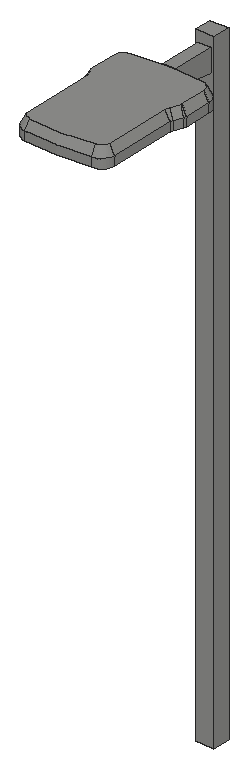
Revit family "VP-4-A", category Lighting Fixtures, host Face, Revit 2019
Family settings
  Host = Face
  Round Connector Dimension = Use Diameter
  Part Type = Normal
  OmniClass Number = 23.80.70.11.14.17
  OmniClass Title = Direct/Indirect
  Cut with Voids When Loaded = No
  Light Source = No
  Shared = Yes
  Room Calculation Point = No
Parameters (values of type "VP-4-A")
  Wattage Comments = "600W"
  Warranty = "Five year warranty"  # constant formula
  Voltage = 120 V
  URL = "https://www.currentlighting.com/beacon"
  Type Comments = "Lighting Fixture"  # constant formula
  Product Page URL = "https://www.currentlighting.com/outdoor-lighting/viper-area-size-4/9606406"
  Product Documentation Link = "https://cdn.currentlighting.com/site/specsheet/BEA_VIPERSPEC.pdf"
  Power Factor = 0.9
  Pole Height [instance] = 120.00"
  Name = "Viper Area Size 4"  # constant formula
  Model = "VP-4-A"
  Matt Grey = MATT GREY
  Matt Black = Matt Black
  Manufacturer = "Current Lighting"  # constant formula
  Load Classification = Lighting
  Light Output = 87468.00 cd/m²
  Lamp = "LED"  # constant formula
  Grey = Grey
  Glass = Glass
  Pole Size [instance] = 3.50"
  Features = "Featuring two different optical technologies, Micro Strike and Strike Optics, which provide the best distribution patterns for retrofit or new construction\r\nVibration rated for high vibration applications including bridges and overpasses\r\nControl options including photo control, occupancy sensing, NX Lighting Controls, wiSCAPE and 7-Pin with networked controls\r\nMounting options include: Arm, Universal Arm, Adjustable Arm, Mast Arm, Decorative Arm, Knuckle, Trunnion, Wall\r\nDistribution options include: Auto Front Row, Type 2, Type 3, Type 4 Forward, Type 4 Wide, Type 5 Narrow, Type 5 Medium, Type 5 Wide, Type 5 Rectangular, Corner Optic, and Tennis Court\r\n\r\n"  # constant formula
  Copyright = "© 2022 Current Lighting"  # constant formula
  Cool Grey = Cool Grey
  Contact Us = "https://www.currentlighting.com/contact-us"
  Certification = "UL"  # constant formula
  Description = "The Viper is an extremely versatile area/site luminaire which blends design, performance, and technology for a variety of applications."  # constant formula
  Default Elevation = 48.00"
  Finish = Arctic White
  Matt White = Matt White
  CRI = "70"  # constant formula
  Brand = "Beacon"  # constant formula
  Assembly Code = "D5020200"
  Apparent Load = 600 VA
Reference planes (in)
  plane 1 "Center (Front/Back)": y = 6.16697
  plane 2: z = 0
  plane 3 "Center (Left/Right)": x = 0
  plane 4: z = 3.75
  plane 5: z = -4.44
  plane 6: x = -1.75
  plane 7: x = 1.75
  plane 8: y = 4.41697
  plane 9: y = 7.91697
  plane 10: z = 120
  plane 11: z = 122
Forms (in)
  Extrusion 1, solid, material "Cool Grey" <- "Cool Grey"
    sketch origin (0, 0, 0) x (1, 0, 0) y (0, 1, 0)
      loop
        line (-1.75, 7.91697) -> (-1.75, 4.41697) -> (1.75, 4.41697) -> (1.75, 7.91697) -> (-1.75, 7.91697)
    from 0 to 120
  Extrusion 2, solid, material "Cool Grey" <- "Cool Grey"
    sketch origin (0, 0, 0) x (1, 0, 0) y (0, 1, 0)
      loop
        line (-1.75, 7.91697) -> (-1.75, 4.41697) -> (1.75, 4.41697) -> (1.75, 7.91697) -> (-1.75, 7.91697)
    from 120 to 122
Cuts and joins
  joined: Extrusion 1, Extrusion 2
Lines and regions (in)
  reference lines
    curve 1: line (0, 14.42606, -3.25) -> (0, 17.42606, -0.25)
    curve 2: line (0, -2.09213, -3.25) -> (0, 14.42606, -3.25)
    curve 3: line (0, -5.09213, -0.25) -> (0, -2.09213, -3.25)
    curve 4: line (0, 14.42606, -3.25) -> (0, 17.42606, -0.25)
    curve 5: line (0, -5.09213, -0.25) -> (0, 17.42606, -0.25)
    curve 6: line (0, 17.17606, -0.77432) -> (0, 17.92606, -0.77432)
    curve 7: line (0, 17.17606, -1.52432) -> (0, 17.17606, -0.77432)
    curve 8: line (0, 16.69614, -1.52432) -> (0, 17.17606, -1.52432)
    curve 9: line (0, 14.92606, -4.25) -> (0, 16.69614, -1.52432)
    curve 10: line (0, -4.3622, -1.52432) -> (0, -2.59213, -4.25)
    curve 11: line (0, -4.84213, -1.52432) -> (0, -4.3622, -1.52432)
    curve 12: line (0, -4.84213, -0.77432) -> (0, -4.84213, -1.52432)
    curve 13: line (0, -5.59213, -0.77432) -> (0, -4.84213, -0.77432)
Dimensions and locks (in)
  plane 4 to plane 2 = 3.75"
  "Pole Size": plane 8 to plane 9
  equal spacing: plane 8, plane 1 "Center (Front/Back)", plane 9
  equal spacing: plane 6, plane 3 "Center (Left/Right)", plane 7
  "Pole Size": plane 6 to plane 7
  "Pole Height": plane 10 to plane 2
  locked: plane 11 to plane 10 at 2
  aligned and locked: plane 2 to host face
  aligned and locked: level to host face
  aligned and locked: plane 10 to Extrusion 1
  aligned and locked: plane 3 "Center (Left/Right)" to nested 1
  aligned and locked: plane 9 to Extrusion 1 sketch curve
  aligned and locked: plane 6 to Extrusion 1 sketch curve
  aligned and locked: Extrusion 1 sketch curve to plane 8
  aligned and locked: Extrusion 1 sketch curve to plane 7
  aligned and locked: nested 1 to plane 10
  aligned and locked: Extrusion 2 sketch curve to Extrusion 1  (x4)
  aligned and locked: Extrusion 2 to plane 10
  aligned and locked: plane 11 to Extrusion 2
Automatic sketch dimensions
  host sketch curve to host sketch curve = 96.00"
  host sketch curve to host sketch curve = 85.00"
  curve 3 to level = 0.25"
  plane 8 to curve 3 = 9.50909"
  curve 3 to curve 12 = 0.25"
  curve 11 to curve 11 = 0.47992"
  curve 2 to plane 5 = 1.19"
  curve 10 to curve 2 = 2.27008"
  curve 1 to plane 9 = 6.50909"
  curve 9 to level = 1.52432"
  curve 1 to curve 9 = 2.27008"
  curve 8 to curve 8 = 0.47992"
  curve 6 to curve 4 = 0.25"
  curve 10 to curve 3 = 1.27432"
  curve 7 to curve 1 = 0.52432"
  curve 12 to curve 3 = 0.52432"
  curve 13 to curve 3 = 0.50"
  curve 10 to plane 5 = 0.19"
  curve 10 to curve 2 = 0.50"
  curve 9 to plane 5 = 0.19"
  curve 1 to curve 9 = 0.50"
  curve 1 to curve 6 = 0.50"
Nested families (in)
  nested 1: "SIZE4" at (0, 4.41697, 118.26) x (1, 0, 0) z (0, -1, 0), type "SIZE4"
Connectors (in)
  electrical at (0, 6.16697, 0), driven by "Power Factor", driven by "Apparent Load", driven by "Voltage"
    settings: on Extrusion 1, index 1, voltage 120 V, apparent load 600 VA, apparent load phase1 0 VA, apparent load phase2 0 VA, apparent load phase3 0 VA, power factor 0.9, load classification "Other", number of poles 1, system type 30, power factor state 1, is connector primary yes, connector utility no, sub classification motor no, connector description "Light Fixture"
Definition of nested family "SIZE4"
  Parameters (values of type "SIZE4")
    Width = 19.62"
    Wattage = 519.1 W
    built-in parameter 1150110 = 1 (stored number, unit not read)
    built-in parameter 1114217 = 1 (stored number, unit not read)
    Tilt Angle = 160.00°
    built-in parameter 1150109 = 1 (stored number, unit not read)
    built-in parameter 1150134 = 3
    built-in parameter 1150113 = 1 (stored number, unit not read)
    Photometric Web File = "VP-4-720L-515-5K7-4W-BC.ies"
    Mount Length = 7.50"
    built-in parameter 1150105 = 3180.8 (stored number, unit not read)
    Lumens = 39970.7 lm
    built-in parameter 1150115 = 1 (stored number, unit not read)
    built-in parameter 1150137 = (empty or 0)
    built-in parameter 1150139 = (empty or 0)
    Length = 27.98"
    built-in parameter 1150112 = 1 (stored number, unit not read)
    built-in parameter 1150114 = 1 (stored number, unit not read)
    built-in parameter 1150132 = (empty or 0)
    built-in parameter 1150102 = (empty or 0)
    built-in parameter 1150107 = 3200 (stored number, unit not read)
    built-in parameter 1150138 = (empty or 0)
    built-in parameter 1150106 = 31.808 (stored number, unit not read)
    Glass = none
    Fixture = none
    built-in parameter 1150104 = 7.1535 (stored number, unit not read)
    Dimming Lamp Color Temperature Shift = (empty or 0)
    Default Elevation = 48.00"
    Color Filter = 16777215
    built-in parameter 1114218 = 1 (stored number, unit not read)
    built-in parameter 1150133 = 10 (stored number, unit not read)
  Reference planes (in)
    plane 1 "Center (Front/Back)": y = 0
    plane 2: z = 0
    plane 3 "Center (Left/Right)": x = 0
    plane 4: x = 9.81
    plane 5: x = -9.81
    plane 6: z = 7.5
    plane 7: z = 35.48
    plane 8: y = -1.74
    plane 9: y = 1.74
  Forms (in)
    Extrusion 1, solid
      sketch origin (0, 0, 0) x (1, 0, 0) y (0, 1, 0)
        loop
          line (-48, 48) -> (-48, -48) -> (48, -48) -> (48, 48) -> (-48, 48)
      from 0 to -12
    Extrusion 2, solid, material <- "Fixture"
      sketch origin (0, 0, 0) x (0, 1, 0) y (0, 0, 1)
        loop
          line (1.74, 8.51105) -> (-1.5789, 8.51105) -> (-2.86955, -1.406) -> (1.74, -1.406) -> (1.74, 8.51105)
      from -1.24 to 1.24
    Extrusion 3, void
      sketch origin (0, 0, 0) x (1, 0, 0) y (0, 0, 1)
        loop
          arc (-8.40608, 15.16005) -> (0.0771, 15.81374) -> (8.56, 15.15635) r 55.21553
          line (8.56, 15.15635) -> (8.56, 33.16182) -> (-8.40608, 33.16182) -> (-8.40608, 15.16005)
      from 1 to 1.75
    Extrusion 4, solid, material <- "Glass"
      sketch origin (0, 0, -0.5) x (1, 0, 0) y (0, 0, 1)
        loop
          arc (-7.30987, 33.16182) -> (-7.55736, 33.05931) -> (-7.65987, 32.81182) r 0.35
          line (-7.65987, 32.81182) -> (-7.65987, 28.01182)
          arc (-7.65987, 28.01182) -> (-7.55736, 27.76434) -> (-7.30987, 27.66182) r 0.35
          line (-7.30987, 27.66182) -> (7.30987, 27.66182)
          arc (7.30987, 27.66182) -> (7.55736, 27.76434) -> (7.65987, 28.01182) r 0.35
          line (7.65987, 28.01182) -> (7.65987, 32.81182)
          arc (7.65987, 32.81182) -> (7.55736, 33.05931) -> (7.30987, 33.16182) r 0.35
          line (7.30987, 33.16182) -> (-7.30987, 33.16182)
      from 1 to 1.35
    Extrusion 5, solid, material <- "Glass"
      sketch origin (0.375, 0, -0.375) x (1, 0, 0) y (0, 0, 1)
        loop
          circle (-7.47829, 32.33694) r 0.15
        loop
          circle (-6.95955, 32.33694) r 0.15
        loop
          circle (-6.4408, 32.33694) r 0.15
        loop
          circle (-5.92205, 32.33694) r 0.15
        loop
          circle (-5.4033, 32.33694) r 0.15
        loop
          circle (-4.88455, 32.33694) r 0.15
        loop
          circle (-4.3658, 32.33694) r 0.15
        loop
          circle (-3.84705, 32.33694) r 0.15
        loop
          circle (-3.32831, 32.33694) r 0.15
        loop
          circle (-7.47829, 31.83694) r 0.15
        loop
          circle (-6.95955, 31.83694) r 0.15
        loop
          circle (-6.4408, 31.83694) r 0.15
        loop
          circle (-5.92205, 31.83694) r 0.15
        loop
          circle (-5.4033, 31.83694) r 0.15
        loop
          circle (-4.88455, 31.83694) r 0.15
        loop
          circle (-4.3658, 31.83694) r 0.15
        loop
          circle (-3.84705, 31.83694) r 0.15
        loop
          circle (-3.32831, 31.83694) r 0.15
        loop
          circle (-7.47829, 31.33694) r 0.15
        loop
          circle (-6.95955, 31.33694) r 0.15
        loop
          circle (-6.4408, 31.33694) r 0.15
        loop
          circle (-5.92205, 31.33694) r 0.15
        loop
          circle (-5.4033, 31.33694) r 0.15
        loop
          circle (-4.88455, 31.33694) r 0.15
        loop
          circle (-4.3658, 31.33694) r 0.15
        loop
          circle (-3.84705, 31.33694) r 0.15
        loop
          circle (-3.32831, 31.33694) r 0.15
        loop
          circle (-7.47829, 30.83694) r 0.15
        loop
          circle (-6.95955, 30.83694) r 0.15
        loop
          circle (-6.4408, 30.83694) r 0.15
        loop
          circle (-5.92205, 30.83694) r 0.15
        loop
          circle (-5.4033, 30.83694) r 0.15
        loop
          circle (-4.88455, 30.83694) r 0.15
        loop
          circle (-4.3658, 30.83694) r 0.15
        loop
          circle (-3.84705, 30.83694) r 0.15
        loop
          circle (-3.32831, 30.83694) r 0.15
        loop
          circle (-7.47829, 30.33694) r 0.15
        loop
          circle (-6.95955, 30.33694) r 0.15
        loop
          circle (-6.4408, 30.33694) r 0.15
        loop
          circle (-5.92205, 30.33694) r 0.15
        loop
          circle (-5.4033, 30.33694) r 0.15
        loop
          circle (-4.88455, 30.33694) r 0.15
        loop
          circle (-4.3658, 30.33694) r 0.15
        loop
          circle (-3.84705, 30.33694) r 0.15
        loop
          circle (-3.32831, 30.33694) r 0.15
        loop
          circle (-7.47829, 29.83694) r 0.15
        loop
          circle (-6.95955, 29.83694) r 0.15
        loop
          circle (-6.4408, 29.83694) r 0.15
        loop
          circle (-5.92205, 29.83694) r 0.15
        loop
          circle (-5.4033, 29.83694) r 0.15
        loop
          circle (-4.88455, 29.83694) r 0.15
        loop
          circle (-4.3658, 29.83694) r 0.15
        loop
          circle (-3.84705, 29.83694) r 0.15
        loop
          circle (-3.32831, 29.83694) r 0.15
        loop
          circle (-7.47829, 29.33694) r 0.15
        loop
          circle (-6.95955, 29.33694) r 0.15
        loop
          circle (-6.4408, 29.33694) r 0.15
        loop
          circle (-5.92205, 29.33694) r 0.15
        loop
          circle (-5.4033, 29.33694) r 0.15
        loop
          circle (-4.88455, 29.33694) r 0.15
        loop
          circle (-4.3658, 29.33694) r 0.15
        loop
          circle (-3.84705, 29.33694) r 0.15
        loop
          circle (-3.32831, 29.33694) r 0.15
        loop
          circle (-7.47829, 28.83694) r 0.15
        loop
          circle (-6.95955, 28.83694) r 0.15
        loop
          circle (-6.4408, 28.83694) r 0.15
        loop
          circle (-5.92205, 28.83694) r 0.15
        loop
          circle (-5.4033, 28.83694) r 0.15
        loop
          circle (-4.88455, 28.83694) r 0.15
        loop
          circle (-4.3658, 28.83694) r 0.15
        loop
          circle (-3.84705, 28.83694) r 0.15
        loop
          circle (-3.32831, 28.83694) r 0.15
        loop
          circle (-7.47829, 28.33694) r 0.15
        loop
          circle (-6.95955, 28.33694) r 0.15
        loop
          circle (-6.4408, 28.33694) r 0.15
        loop
          circle (-5.92205, 28.33694) r 0.15
        loop
          circle (-5.4033, 28.33694) r 0.15
        loop
          circle (-4.88455, 28.33694) r 0.15
        loop
          circle (-4.3658, 28.33694) r 0.15
        loop
          circle (-3.84705, 28.33694) r 0.15
        loop
          circle (-3.32831, 28.33694) r 0.15
      from 1.35 to 1.4
    Extrusion 6, solid, material <- "Glass"
      sketch origin (0, 0, -0.375) x (1, 0, 0) y (0, 0, 1)
        loop
          arc (-7.16655, 32.8409) -> (-7.34333, 32.76768) -> (-7.41655, 32.5909) r 0.25
          line (-7.41655, 32.5909) -> (-7.41655, 28.0909)
          arc (-7.41655, 28.0909) -> (-7.34333, 27.91412) -> (-7.16655, 27.8409) r 0.25
          line (-7.16655, 27.8409) -> (-2.81123, 27.8409)
          arc (-2.81123, 27.8409) -> (-2.63446, 27.91412) -> (-2.56123, 28.0909) r 0.25
          line (-2.56123, 28.0909) -> (-2.56123, 32.5909)
          arc (-2.56123, 32.5909) -> (-2.63446, 32.76768) -> (-2.81123, 32.8409) r 0.25
          line (-2.81123, 32.8409) -> (-7.16655, 32.8409)
      from 1.35 to 1.37213
    Extrusion 7, solid, material <- "Fixture"
      sketch origin (0, 0, 12.875) x (1, 0, 0) y (0, 1, 0)
        loop
          line (7.68693, -1) -> (7.68693, -1.20146)
          arc (7.68693, -1.20146) -> (7.69367, -1.23973) -> (7.71311, -1.27339) r 0.1119
          line (7.71311, -1.27339) -> (8.07367, -1.70309)
          arc (8.07367, -1.70309) -> (8.10164, -1.72455) -> (8.13607, -1.73219) r 0.08147
          line (8.13607, -1.73219) -> (8.56, -1.73219) -> (8.56, -1) -> (7.68693, -1)
      from 18.55 to 18.65
    Extrusion 8, solid, material <- "Glass"
      sketch origin (-0.375, 0, -0.375) x (-1, 0, 0) y (0, 0, -1)
        loop
          circle (-7.47829, -32.33694) r 0.15
        loop
          circle (-6.95955, -32.33694) r 0.15
        loop
          circle (-6.4408, -32.33694) r 0.15
        loop
          circle (-5.92205, -32.33694) r 0.15
        loop
          circle (-5.4033, -32.33694) r 0.15
        loop
          circle (-4.88455, -32.33694) r 0.15
        loop
          circle (-4.3658, -32.33694) r 0.15
        loop
          circle (-3.84705, -32.33694) r 0.15
        loop
          circle (-3.32831, -32.33694) r 0.15
        loop
          circle (-7.47829, -31.83694) r 0.15
        loop
          circle (-6.95955, -31.83694) r 0.15
        loop
          circle (-6.4408, -31.83694) r 0.15
        loop
          circle (-5.92205, -31.83694) r 0.15
        loop
          circle (-5.4033, -31.83694) r 0.15
        loop
          circle (-4.88455, -31.83694) r 0.15
        loop
          circle (-4.3658, -31.83694) r 0.15
        loop
          circle (-3.84705, -31.83694) r 0.15
        loop
          circle (-3.32831, -31.83694) r 0.15
        loop
          circle (-7.47829, -31.33694) r 0.15
        loop
          circle (-6.95955, -31.33694) r 0.15
        loop
          circle (-6.4408, -31.33694) r 0.15
        loop
          circle (-5.92205, -31.33694) r 0.15
        loop
          circle (-5.4033, -31.33694) r 0.15
        loop
          circle (-4.88455, -31.33694) r 0.15
        loop
          circle (-4.3658, -31.33694) r 0.15
        loop
          circle (-3.84705, -31.33694) r 0.15
        loop
          circle (-3.32831, -31.33694) r 0.15
        loop
          circle (-7.47829, -30.83694) r 0.15
        loop
          circle (-6.95955, -30.83694) r 0.15
        loop
          circle (-6.4408, -30.83694) r 0.15
        loop
          circle (-5.92205, -30.83694) r 0.15
        loop
          circle (-5.4033, -30.83694) r 0.15
        loop
          circle (-4.88455, -30.83694) r 0.15
        loop
          circle (-4.3658, -30.83694) r 0.15
        loop
          circle (-3.84705, -30.83694) r 0.15
        loop
          circle (-3.32831, -30.83694) r 0.15
        loop
          circle (-7.47829, -30.33694) r 0.15
        loop
          circle (-6.95955, -30.33694) r 0.15
        loop
          circle (-6.4408, -30.33694) r 0.15
        loop
          circle (-5.92205, -30.33694) r 0.15
        loop
          circle (-5.4033, -30.33694) r 0.15
        loop
          circle (-4.88455, -30.33694) r 0.15
        loop
          circle (-4.3658, -30.33694) r 0.15
        loop
          circle (-3.84705, -30.33694) r 0.15
        loop
          circle (-3.32831, -30.33694) r 0.15
        loop
          circle (-7.47829, -29.83694) r 0.15
        loop
          circle (-6.95955, -29.83694) r 0.15
        loop
          circle (-6.4408, -29.83694) r 0.15
        loop
          circle (-5.92205, -29.83694) r 0.15
        loop
          circle (-5.4033, -29.83694) r 0.15
        loop
          circle (-4.88455, -29.83694) r 0.15
        loop
          circle (-4.3658, -29.83694) r 0.15
        loop
          circle (-3.84705, -29.83694) r 0.15
        loop
          circle (-3.32831, -29.83694) r 0.15
        loop
          circle (-7.47829, -29.33694) r 0.15
        loop
          circle (-6.95955, -29.33694) r 0.15
        loop
          circle (-6.4408, -29.33694) r 0.15
        loop
          circle (-5.92205, -29.33694) r 0.15
        loop
          circle (-5.4033, -29.33694) r 0.15
        loop
          circle (-4.88455, -29.33694) r 0.15
        loop
          circle (-4.3658, -29.33694) r 0.15
        loop
          circle (-3.84705, -29.33694) r 0.15
        loop
          circle (-3.32831, -29.33694) r 0.15
        loop
          circle (-7.47829, -28.83694) r 0.15
        loop
          circle (-6.95955, -28.83694) r 0.15
        loop
          circle (-6.4408, -28.83694) r 0.15
        loop
          circle (-5.92205, -28.83694) r 0.15
        loop
          circle (-5.4033, -28.83694) r 0.15
        loop
          circle (-4.88455, -28.83694) r 0.15
        loop
          circle (-4.3658, -28.83694) r 0.15
        loop
          circle (-3.84705, -28.83694) r 0.15
        loop
          circle (-3.32831, -28.83694) r 0.15
        loop
          circle (-7.47829, -28.33694) r 0.15
        loop
          circle (-6.95955, -28.33694) r 0.15
        loop
          circle (-6.4408, -28.33694) r 0.15
        loop
          circle (-5.92205, -28.33694) r 0.15
        loop
          circle (-5.4033, -28.33694) r 0.15
        loop
          circle (-4.88455, -28.33694) r 0.15
        loop
          circle (-4.3658, -28.33694) r 0.15
        loop
          circle (-3.84705, -28.33694) r 0.15
        loop
          circle (-3.32831, -28.33694) r 0.15
      from 1.35 to 1.4
    Extrusion 9, solid, material <- "Glass"
      sketch origin (0, 0, -0.375) x (-1, 0, 0) y (0, 0, -1)
        loop
          line (-7.16655, -32.8409) -> (-2.84181, -32.8409)
          arc (-2.84181, -32.8409) -> (-2.66504, -32.76768) -> (-2.59181, -32.5909) r 0.25
          line (-2.59181, -32.5909) -> (-2.59181, -28.0909)
          arc (-2.59181, -28.0909) -> (-2.66504, -27.91412) -> (-2.84181, -27.8409) r 0.25
          line (-2.84181, -27.8409) -> (-7.16655, -27.8409)
          arc (-7.16655, -27.8409) -> (-7.34333, -27.91412) -> (-7.41655, -28.0909) r 0.25
          line (-7.41655, -28.0909) -> (-7.41655, -32.5909)
          arc (-7.41655, -32.5909) -> (-7.34333, -32.76768) -> (-7.16655, -32.8409) r 0.25
      from 1.35 to 1.37213
    Extrusion 10, solid, material <- "Glass"
      sketch origin (0, 0, -5.75) x (1, 0, 0) y (0, 0, 1)
        loop
          arc (-7.30987, 32.91182) -> (-7.55736, 32.80931) -> (-7.65987, 32.56182) r 0.35
          line (-7.65987, 32.56182) -> (-7.65987, 27.76182)
          arc (-7.65987, 27.76182) -> (-7.55736, 27.51434) -> (-7.30987, 27.41182) r 0.35
          line (-7.30987, 27.41182) -> (7.30987, 27.41182)
          arc (7.30987, 27.41182) -> (7.55736, 27.51434) -> (7.65987, 27.76182) r 0.35
          line (7.65987, 27.76182) -> (7.65987, 32.56182)
          arc (7.65987, 32.56182) -> (7.55736, 32.80931) -> (7.30987, 32.91182) r 0.35
          line (7.30987, 32.91182) -> (-7.30987, 32.91182)
      from 1 to 1.35
    Extrusion 11, solid, material <- "Glass"
      sketch origin (0, 0, 47.30365) x (1, 0, 0) y (0, 0, 1)
        loop
          line (-7.30987, -31.14182) -> (7.30987, -31.14182)
          arc (7.30987, -31.14182) -> (7.55736, -31.03931) -> (7.65987, -30.79182) r 0.35
          line (7.65987, -30.79182) -> (7.65987, -25.99182)
          arc (7.65987, -25.99182) -> (7.55736, -25.74434) -> (7.30987, -25.64182) r 0.35
          line (7.30987, -25.64182) -> (-7.30987, -25.64182)
          arc (-7.30987, -25.64182) -> (-7.55736, -25.74434) -> (-7.65987, -25.99182) r 0.35
          line (-7.65987, -25.99182) -> (-7.65987, -30.79182)
          arc (-7.65987, -30.79182) -> (-7.55736, -31.03931) -> (-7.30987, -31.14182) r 0.35
      from 1 to 1.35
    Extrusion 12, solid, material <- "Fixture"
      sketch origin (0, 0, 11.87318) x (1, 0, 0) y (0, 1, 0)
        loop
          line (7.68693, -1) -> (7.68693, -1.20146)
          arc (7.68693, -1.20146) -> (7.69367, -1.23973) -> (7.71311, -1.27339) r 0.1119
          line (7.71311, -1.27339) -> (8.07367, -1.70309)
          arc (8.07367, -1.70309) -> (8.10164, -1.72455) -> (8.13607, -1.73219) r 0.08147
          line (8.13607, -1.73219) -> (8.56, -1.73219) -> (8.56, -1) -> (7.68693, -1)
      from 18.55 to 18.65
    Extrusion 13, solid, material <- "Fixture"
      sketch origin (0, 0, 10.87135) x (1, 0, 0) y (0, 1, 0)
        loop
          line (7.68693, -1) -> (7.68693, -1.20146)
          arc (7.68693, -1.20146) -> (7.69367, -1.23973) -> (7.71311, -1.27339) r 0.1119
          line (7.71311, -1.27339) -> (8.07367, -1.70309)
          arc (8.07367, -1.70309) -> (8.10164, -1.72455) -> (8.13607, -1.73219) r 0.08147
          line (8.13607, -1.73219) -> (8.56, -1.73219) -> (8.56, -1) -> (7.68693, -1)
      from 18.55 to 18.65
    Extrusion 14, solid, material <- "Fixture"
      sketch origin (0, 0, 9.86953) x (1, 0, 0) y (0, 1, 0)
        loop
          line (7.68693, -1) -> (7.68693, -1.20146)
          arc (7.68693, -1.20146) -> (7.69367, -1.23973) -> (7.71311, -1.27339) r 0.1119
          line (7.71311, -1.27339) -> (8.07367, -1.70309)
          arc (8.07367, -1.70309) -> (8.10164, -1.72455) -> (8.13607, -1.73219) r 0.08147
          line (8.13607, -1.73219) -> (8.56, -1.73219) -> (8.56, -1) -> (7.68693, -1)
      from 18.55 to 18.65
    Extrusion 15, solid, material <- "Fixture"
      sketch origin (0, 0, 8.86953) x (1, 0, 0) y (0, 1, 0)
        loop
          line (7.68693, -1) -> (7.68693, -1.20146)
          arc (7.68693, -1.20146) -> (7.69367, -1.23973) -> (7.71311, -1.27339) r 0.1119
          line (7.71311, -1.27339) -> (8.07367, -1.70309)
          arc (8.07367, -1.70309) -> (8.10164, -1.72455) -> (8.13607, -1.73219) r 0.08147
          line (8.13607, -1.73219) -> (8.56, -1.73219) -> (8.56, -1) -> (7.68693, -1)
      from 18.55 to 18.65
    Extrusion 16, solid, material <- "Fixture"
      sketch origin (0, 0, 7.8125) x (1, 0, 0) y (0, 1, 0)
        loop
          line (7.68693, -1) -> (7.68693, -1.20146)
          arc (7.68693, -1.20146) -> (7.69367, -1.23973) -> (7.71311, -1.27339) r 0.1119
          line (7.71311, -1.27339) -> (8.07367, -1.70309)
          arc (8.07367, -1.70309) -> (8.10164, -1.72455) -> (8.13607, -1.73219) r 0.08147
          line (8.13607, -1.73219) -> (8.56, -1.73219) -> (8.56, -1) -> (7.68693, -1)
      from 18.55 to 18.65
    Extrusion 17, solid, material <- "Fixture"
      sketch origin (0, 0, 6.81068) x (1, 0, 0) y (0, 1, 0)
        loop
          line (7.68693, -1) -> (7.68693, -1.20146)
          arc (7.68693, -1.20146) -> (7.69367, -1.23973) -> (7.71311, -1.27339) r 0.1119
          line (7.71311, -1.27339) -> (8.07367, -1.70309)
          arc (8.07367, -1.70309) -> (8.10164, -1.72455) -> (8.13607, -1.73219) r 0.08147
          line (8.13607, -1.73219) -> (8.56, -1.73219) -> (8.56, -1) -> (7.68693, -1)
      from 18.55 to 18.65
    Extrusion 18, solid, material <- "Fixture"
      sketch origin (0, 0, 5.80885) x (1, 0, 0) y (0, 1, 0)
        loop
          line (7.68693, -1) -> (7.68693, -1.20146)
          arc (7.68693, -1.20146) -> (7.69367, -1.23973) -> (7.71311, -1.27339) r 0.1119
          line (7.71311, -1.27339) -> (8.07367, -1.70309)
          arc (8.07367, -1.70309) -> (8.10164, -1.72455) -> (8.13607, -1.73219) r 0.08147
          line (8.13607, -1.73219) -> (8.56, -1.73219) -> (8.56, -1) -> (7.68693, -1)
      from 18.55 to 18.65
    Extrusion 19, solid, material <- "Fixture"
      sketch origin (0, 0, 4.80703) x (1, 0, 0) y (0, 1, 0)
        loop
          line (7.68693, -1) -> (7.68693, -1.20146)
          arc (7.68693, -1.20146) -> (7.69367, -1.23973) -> (7.71311, -1.27339) r 0.1119
          line (7.71311, -1.27339) -> (8.07367, -1.70309)
          arc (8.07367, -1.70309) -> (8.10164, -1.72455) -> (8.13607, -1.73219) r 0.08147
          line (8.13607, -1.73219) -> (8.56, -1.73219) -> (8.56, -1) -> (7.68693, -1)
      from 18.55 to 18.65
    Extrusion 20, solid, material <- "Fixture"
      sketch origin (0, 0, 3.80703) x (1, 0, 0) y (0, 1, 0)
        loop
          line (7.68693, -1) -> (7.68693, -1.20146)
          arc (7.68693, -1.20146) -> (7.69367, -1.23973) -> (7.71311, -1.27339) r 0.1119
          line (7.71311, -1.27339) -> (8.07367, -1.70309)
          arc (8.07367, -1.70309) -> (8.10164, -1.72455) -> (8.13607, -1.73219) r 0.08147
          line (8.13607, -1.73219) -> (8.56, -1.73219) -> (8.56, -1) -> (7.68693, -1)
      from 18.55 to 18.65
    Extrusion 21, solid, material <- "Fixture"
      sketch origin (0, 0, 2.125) x (1, 0, 0) y (0, 1, 0)
        loop
          line (7.68693, -1) -> (7.68693, -1.20146)
          arc (7.68693, -1.20146) -> (7.69367, -1.23973) -> (7.71311, -1.27339) r 0.1119
          line (7.71311, -1.27339) -> (8.07367, -1.70309)
          arc (8.07367, -1.70309) -> (8.10164, -1.72455) -> (8.13607, -1.73219) r 0.08147
          line (8.13607, -1.73219) -> (8.56, -1.73219) -> (8.56, -1) -> (7.68693, -1)
      from 18.55 to 18.65
    Extrusion 22, solid, material <- "Fixture"
      sketch origin (0, 0, 1.12318) x (1, 0, 0) y (0, 1, 0)
        loop
          line (7.68693, -1) -> (7.68693, -1.20146)
          arc (7.68693, -1.20146) -> (7.69367, -1.23973) -> (7.71311, -1.27339) r 0.1119
          line (7.71311, -1.27339) -> (8.07367, -1.70309)
          arc (8.07367, -1.70309) -> (8.10164, -1.72455) -> (8.13607, -1.73219) r 0.08147
          line (8.13607, -1.73219) -> (8.56, -1.73219) -> (8.56, -1) -> (7.68693, -1)
      from 18.55 to 18.65
    Extrusion 23, solid, material <- "Fixture"
      sketch origin (0, 0, 0.12135) x (1, 0, 0) y (0, 1, 0)
        loop
          line (7.68693, -1) -> (7.68693, -1.20146)
          arc (7.68693, -1.20146) -> (7.69367, -1.23973) -> (7.71311, -1.27339) r 0.1119
          line (7.71311, -1.27339) -> (8.07367, -1.70309)
          arc (8.07367, -1.70309) -> (8.10164, -1.72455) -> (8.13607, -1.73219) r 0.08147
          line (8.13607, -1.73219) -> (8.56, -1.73219) -> (8.56, -1) -> (7.68693, -1)
      from 18.55 to 18.65
    Extrusion 24, solid, material <- "Fixture"
      sketch origin (0, 0, -0.88047) x (1, 0, 0) y (0, 1, 0)
        loop
          line (7.68693, -1) -> (7.68693, -1.20146)
          arc (7.68693, -1.20146) -> (7.69367, -1.23973) -> (7.71311, -1.27339) r 0.1119
          line (7.71311, -1.27339) -> (8.07367, -1.70309)
          arc (8.07367, -1.70309) -> (8.10164, -1.72455) -> (8.13607, -1.73219) r 0.08147
          line (8.13607, -1.73219) -> (8.56, -1.73219) -> (8.56, -1) -> (7.68693, -1)
      from 18.55 to 18.65
    Extrusion 25, solid, material <- "Fixture"
      sketch origin (0, 0, -1.88047) x (1, 0, 0) y (0, 1, 0)
        loop
          line (7.68693, -1) -> (7.68693, -1.20146)
          arc (7.68693, -1.20146) -> (7.69367, -1.23973) -> (7.71311, -1.27339) r 0.1119
          line (7.71311, -1.27339) -> (8.07367, -1.70309)
          arc (8.07367, -1.70309) -> (8.10164, -1.72455) -> (8.13607, -1.73219) r 0.08147
          line (8.13607, -1.73219) -> (8.56, -1.73219) -> (8.56, -1) -> (7.68693, -1)
      from 18.55 to 18.65
    Extrusion 26, solid, material <- "Fixture"
      sketch origin (0.07812, 0, 13.125) x (-1, 0, 0) y (0, -1, 0)
        loop
          line (7.68693, 1) -> (8.56, 1) -> (8.56, 1.73219) -> (8.13607, 1.73219)
          arc (8.13607, 1.73219) -> (8.10164, 1.72455) -> (8.07367, 1.70309) r 0.08147
          line (8.07367, 1.70309) -> (7.71311, 1.27339)
          arc (7.71311, 1.27339) -> (7.69367, 1.23973) -> (7.68693, 1.20146) r 0.1119
          line (7.68693, 1.20146) -> (7.68693, 1)
      from 18.55 to 18.65
    Extrusion 27, solid, material <- "Fixture"
      sketch origin (0.07812, 0, 12.12318) x (-1, 0, 0) y (0, -1, 0)
        loop
          line (7.68693, 1) -> (8.56, 1) -> (8.56, 1.73219) -> (8.13607, 1.73219)
          arc (8.13607, 1.73219) -> (8.10164, 1.72455) -> (8.07367, 1.70309) r 0.08147
          line (8.07367, 1.70309) -> (7.71311, 1.27339)
          arc (7.71311, 1.27339) -> (7.69367, 1.23973) -> (7.68693, 1.20146) r 0.1119
          line (7.68693, 1.20146) -> (7.68693, 1)
      from 18.55 to 18.65
    Extrusion 28, solid, material <- "Fixture"
      sketch origin (0.07812, 0, 11.12135) x (-1, 0, 0) y (0, -1, 0)
        loop
          line (7.68693, 1) -> (8.56, 1) -> (8.56, 1.73219) -> (8.13607, 1.73219)
          arc (8.13607, 1.73219) -> (8.10164, 1.72455) -> (8.07367, 1.70309) r 0.08147
          line (8.07367, 1.70309) -> (7.71311, 1.27339)
          arc (7.71311, 1.27339) -> (7.69367, 1.23973) -> (7.68693, 1.20146) r 0.1119
          line (7.68693, 1.20146) -> (7.68693, 1)
      from 18.55 to 18.65
    Extrusion 29, solid, material <- "Fixture"
      sketch origin (0.07812, 0, 10.11953) x (-1, 0, 0) y (0, -1, 0)
        loop
          line (7.68693, 1) -> (8.56, 1) -> (8.56, 1.73219) -> (8.13607, 1.73219)
          arc (8.13607, 1.73219) -> (8.10164, 1.72455) -> (8.07367, 1.70309) r 0.08147
          line (8.07367, 1.70309) -> (7.71311, 1.27339)
          arc (7.71311, 1.27339) -> (7.69367, 1.23973) -> (7.68693, 1.20146) r 0.1119
          line (7.68693, 1.20146) -> (7.68693, 1)
      from 18.55 to 18.65
    Extrusion 30, solid, material <- "Fixture"
      sketch origin (0.07812, 0, 9.11953) x (-1, 0, 0) y (0, -1, 0)
        loop
          line (7.68693, 1) -> (8.56, 1) -> (8.56, 1.73219) -> (8.13607, 1.73219)
          arc (8.13607, 1.73219) -> (8.10164, 1.72455) -> (8.07367, 1.70309) r 0.08147
          line (8.07367, 1.70309) -> (7.71311, 1.27339)
          arc (7.71311, 1.27339) -> (7.69367, 1.23973) -> (7.68693, 1.20146) r 0.1119
          line (7.68693, 1.20146) -> (7.68693, 1)
      from 18.55 to 18.65
    Extrusion 31, solid, material <- "Fixture"
      sketch origin (0.07812, 0, 8.0625) x (-1, 0, 0) y (0, -1, 0)
        loop
          line (7.68693, 1) -> (8.56, 1) -> (8.56, 1.73219) -> (8.13607, 1.73219)
          arc (8.13607, 1.73219) -> (8.10164, 1.72455) -> (8.07367, 1.70309) r 0.08147
          line (8.07367, 1.70309) -> (7.71311, 1.27339)
          arc (7.71311, 1.27339) -> (7.69367, 1.23973) -> (7.68693, 1.20146) r 0.1119
          line (7.68693, 1.20146) -> (7.68693, 1)
      from 18.55 to 18.65
    Extrusion 32, solid, material <- "Fixture"
      sketch origin (0.07812, 0, 7.06068) x (-1, 0, 0) y (0, -1, 0)
        loop
          line (7.68693, 1) -> (8.56, 1) -> (8.56, 1.73219) -> (8.13607, 1.73219)
          arc (8.13607, 1.73219) -> (8.10164, 1.72455) -> (8.07367, 1.70309) r 0.08147
          line (8.07367, 1.70309) -> (7.71311, 1.27339)
          arc (7.71311, 1.27339) -> (7.69367, 1.23973) -> (7.68693, 1.20146) r 0.1119
          line (7.68693, 1.20146) -> (7.68693, 1)
      from 18.55 to 18.65
    Extrusion 33, solid, material <- "Fixture"
      sketch origin (0.07812, 0, 6.05885) x (-1, 0, 0) y (0, -1, 0)
        loop
          line (7.68693, 1) -> (8.56, 1) -> (8.56, 1.73219) -> (8.13607, 1.73219)
          arc (8.13607, 1.73219) -> (8.10164, 1.72455) -> (8.07367, 1.70309) r 0.08147
          line (8.07367, 1.70309) -> (7.71311, 1.27339)
          arc (7.71311, 1.27339) -> (7.69367, 1.23973) -> (7.68693, 1.20146) r 0.1119
          line (7.68693, 1.20146) -> (7.68693, 1)
      from 18.55 to 18.65
    Extrusion 34, solid, material <- "Fixture"
      sketch origin (0.07812, 0, 5.05703) x (-1, 0, 0) y (0, -1, 0)
        loop
          line (7.68693, 1) -> (8.56, 1) -> (8.56, 1.73219) -> (8.13607, 1.73219)
          arc (8.13607, 1.73219) -> (8.10164, 1.72455) -> (8.07367, 1.70309) r 0.08147
          line (8.07367, 1.70309) -> (7.71311, 1.27339)
          arc (7.71311, 1.27339) -> (7.69367, 1.23973) -> (7.68693, 1.20146) r 0.1119
          line (7.68693, 1.20146) -> (7.68693, 1)
      from 18.55 to 18.65
    Extrusion 35, solid, material <- "Fixture"
      sketch origin (0.07812, 0, 4.05703) x (-1, 0, 0) y (0, -1, 0)
        loop
          line (7.68693, 1) -> (8.56, 1) -> (8.56, 1.73219) -> (8.13607, 1.73219)
          arc (8.13607, 1.73219) -> (8.10164, 1.72455) -> (8.07367, 1.70309) r 0.08147
          line (8.07367, 1.70309) -> (7.71311, 1.27339)
          arc (7.71311, 1.27339) -> (7.69367, 1.23973) -> (7.68693, 1.20146) r 0.1119
          line (7.68693, 1.20146) -> (7.68693, 1)
      from 18.55 to 18.65
    Extrusion 36, solid, material <- "Fixture"
      sketch origin (0.07812, 0, 2.375) x (-1, 0, 0) y (0, -1, 0)
        loop
          line (7.68693, 1) -> (8.56, 1) -> (8.56, 1.73219) -> (8.13607, 1.73219)
          arc (8.13607, 1.73219) -> (8.10164, 1.72455) -> (8.07367, 1.70309) r 0.08147
          line (8.07367, 1.70309) -> (7.71311, 1.27339)
          arc (7.71311, 1.27339) -> (7.69367, 1.23973) -> (7.68693, 1.20146) r 0.1119
          line (7.68693, 1.20146) -> (7.68693, 1)
      from 18.55 to 18.65
    Extrusion 37, solid, material <- "Fixture"
      sketch origin (0.07812, 0, 1.37318) x (-1, 0, 0) y (0, -1, 0)
        loop
          line (7.68693, 1) -> (8.56, 1) -> (8.56, 1.73219) -> (8.13607, 1.73219)
          arc (8.13607, 1.73219) -> (8.10164, 1.72455) -> (8.07367, 1.70309) r 0.08147
          line (8.07367, 1.70309) -> (7.71311, 1.27339)
          arc (7.71311, 1.27339) -> (7.69367, 1.23973) -> (7.68693, 1.20146) r 0.1119
          line (7.68693, 1.20146) -> (7.68693, 1)
      from 18.55 to 18.65
    Extrusion 38, solid, material <- "Fixture"
      sketch origin (0.07812, 0, 0.37135) x (-1, 0, 0) y (0, -1, 0)
        loop
          line (7.68693, 1) -> (8.56, 1) -> (8.56, 1.73219) -> (8.13607, 1.73219)
          arc (8.13607, 1.73219) -> (8.10164, 1.72455) -> (8.07367, 1.70309) r 0.08147
          line (8.07367, 1.70309) -> (7.71311, 1.27339)
          arc (7.71311, 1.27339) -> (7.69367, 1.23973) -> (7.68693, 1.20146) r 0.1119
          line (7.68693, 1.20146) -> (7.68693, 1)
      from 18.55 to 18.65
    Extrusion 39, solid, material <- "Fixture"
      sketch origin (0.07812, 0, -0.63047) x (-1, 0, 0) y (0, -1, 0)
        loop
          line (7.68693, 1) -> (8.56, 1) -> (8.56, 1.73219) -> (8.13607, 1.73219)
          arc (8.13607, 1.73219) -> (8.10164, 1.72455) -> (8.07367, 1.70309) r 0.08147
          line (8.07367, 1.70309) -> (7.71311, 1.27339)
          arc (7.71311, 1.27339) -> (7.69367, 1.23973) -> (7.68693, 1.20146) r 0.1119
          line (7.68693, 1.20146) -> (7.68693, 1)
      from 18.55 to 18.65
    Extrusion 40, solid, material <- "Fixture"
      sketch origin (0.07812, 0, -1.63047) x (-1, 0, 0) y (0, -1, 0)
        loop
          line (7.68693, 1) -> (8.56, 1) -> (8.56, 1.73219) -> (8.13607, 1.73219)
          arc (8.13607, 1.73219) -> (8.10164, 1.72455) -> (8.07367, 1.70309) r 0.08147
          line (8.07367, 1.70309) -> (7.71311, 1.27339)
          arc (7.71311, 1.27339) -> (7.69367, 1.23973) -> (7.68693, 1.20146) r 0.1119
          line (7.68693, 1.20146) -> (7.68693, 1)
      from 18.55 to 18.65
    Extrusion 41, void
      sketch origin (0, 0, 3.625) x (1, 0, 0) y (0, 0, 1)
        loop
          line (-8.70207, 10.26622) -> (-8.70207, 9.26622)
          arc (-8.70207, 9.26622) -> (-0.07103, 7.54738) -> (8.57, 9.21524) r 22.86863
          line (8.57, 9.21524) -> (8.57, 10.21524)
          arc (8.57, 10.21524) -> (-0.07103, 8.54738) -> (-8.70207, 10.26622) r 22.86863
        loop
          line (-8.61035, 8.24972) -> (-8.61035, 7.97854)
          arc (-8.61035, 7.97854) -> (-0.06712, 6.29523) -> (8.48535, 7.93095) r 22.84399
          line (8.48535, 7.93095) -> (8.48535, 8.20243)
          arc (8.48535, 8.20243) -> (-0.06706, 6.57598) -> (-8.61035, 8.24972) r 22.96502
        loop
          line (-8.61035, 7.49972) -> (-8.61035, 7.22854)
          arc (-8.61035, 7.22854) -> (-0.06712, 5.54523) -> (8.48535, 7.18095) r 22.84399
          line (8.48535, 7.18095) -> (8.48535, 7.45243)
          arc (8.48535, 7.45243) -> (-0.06706, 5.82598) -> (-8.61035, 7.49972) r 22.96502
      from 1 to 1.75
    Extrusion 42, solid, material <- "Glass"
      sketch origin (-5.375, 0, -0.375) x (-1, 0, 0) y (0, 0, -1)
        loop
          circle (-7.47829, -32.33694) r 0.15
        loop
          circle (-6.95955, -32.33694) r 0.15
        loop
          circle (-6.4408, -32.33694) r 0.15
        loop
          circle (-5.92205, -32.33694) r 0.15
        loop
          circle (-5.4033, -32.33694) r 0.15
        loop
          circle (-4.88455, -32.33694) r 0.15
        loop
          circle (-4.3658, -32.33694) r 0.15
        loop
          circle (-3.84705, -32.33694) r 0.15
        loop
          circle (-3.32831, -32.33694) r 0.15
        loop
          circle (-7.47829, -31.83694) r 0.15
        loop
          circle (-6.95955, -31.83694) r 0.15
        loop
          circle (-6.4408, -31.83694) r 0.15
        loop
          circle (-5.92205, -31.83694) r 0.15
        loop
          circle (-5.4033, -31.83694) r 0.15
        loop
          circle (-4.88455, -31.83694) r 0.15
        loop
          circle (-4.3658, -31.83694) r 0.15
        loop
          circle (-3.84705, -31.83694) r 0.15
        loop
          circle (-3.32831, -31.83694) r 0.15
        loop
          circle (-7.47829, -31.33694) r 0.15
        loop
          circle (-6.95955, -31.33694) r 0.15
        loop
          circle (-6.4408, -31.33694) r 0.15
        loop
          circle (-5.92205, -31.33694) r 0.15
        loop
          circle (-5.4033, -31.33694) r 0.15
        loop
          circle (-4.88455, -31.33694) r 0.15
        loop
          circle (-4.3658, -31.33694) r 0.15
        loop
          circle (-3.84705, -31.33694) r 0.15
        loop
          circle (-3.32831, -31.33694) r 0.15
        loop
          circle (-7.47829, -30.83694) r 0.15
        loop
          circle (-6.95955, -30.83694) r 0.15
        loop
          circle (-6.4408, -30.83694) r 0.15
        loop
          circle (-5.92205, -30.83694) r 0.15
        loop
          circle (-5.4033, -30.83694) r 0.15
        loop
          circle (-4.88455, -30.83694) r 0.15
        loop
          circle (-4.3658, -30.83694) r 0.15
        loop
          circle (-3.84705, -30.83694) r 0.15
        loop
          circle (-3.32831, -30.83694) r 0.15
        loop
          circle (-7.47829, -30.33694) r 0.15
        loop
          circle (-6.95955, -30.33694) r 0.15
        loop
          circle (-6.4408, -30.33694) r 0.15
        loop
          circle (-5.92205, -30.33694) r 0.15
        loop
          circle (-5.4033, -30.33694) r 0.15
        loop
          circle (-4.88455, -30.33694) r 0.15
        loop
          circle (-4.3658, -30.33694) r 0.15
        loop
          circle (-3.84705, -30.33694) r 0.15
        loop
          circle (-3.32831, -30.33694) r 0.15
        loop
          circle (-7.47829, -29.83694) r 0.15
        loop
          circle (-6.95955, -29.83694) r 0.15
        loop
          circle (-6.4408, -29.83694) r 0.15
        loop
          circle (-5.92205, -29.83694) r 0.15
        loop
          circle (-5.4033, -29.83694) r 0.15
        loop
          circle (-4.88455, -29.83694) r 0.15
        loop
          circle (-4.3658, -29.83694) r 0.15
        loop
          circle (-3.84705, -29.83694) r 0.15
        loop
          circle (-3.32831, -29.83694) r 0.15
        loop
          circle (-7.47829, -29.33694) r 0.15
        loop
          circle (-6.95955, -29.33694) r 0.15
        loop
          circle (-6.4408, -29.33694) r 0.15
        loop
          circle (-5.92205, -29.33694) r 0.15
        loop
          circle (-5.4033, -29.33694) r 0.15
        loop
          circle (-4.88455, -29.33694) r 0.15
        loop
          circle (-4.3658, -29.33694) r 0.15
        loop
          circle (-3.84705, -29.33694) r 0.15
        loop
          circle (-3.32831, -29.33694) r 0.15
        loop
          circle (-7.47829, -28.83694) r 0.15
        loop
          circle (-6.95955, -28.83694) r 0.15
        loop
          circle (-6.4408, -28.83694) r 0.15
        loop
          circle (-5.92205, -28.83694) r 0.15
        loop
          circle (-5.4033, -28.83694) r 0.15
        loop
          circle (-4.88455, -28.83694) r 0.15
        loop
          circle (-4.3658, -28.83694) r 0.15
        loop
          circle (-3.84705, -28.83694) r 0.15
        loop
          circle (-3.32831, -28.83694) r 0.15
        loop
          circle (-7.47829, -28.33694) r 0.15
        loop
          circle (-6.95955, -28.33694) r 0.15
        loop
          circle (-6.4408, -28.33694) r 0.15
        loop
          circle (-5.92205, -28.33694) r 0.15
        loop
          circle (-5.4033, -28.33694) r 0.15
        loop
          circle (-4.88455, -28.33694) r 0.15
        loop
          circle (-4.3658, -28.33694) r 0.15
        loop
          circle (-3.84705, -28.33694) r 0.15
        loop
          circle (-3.32831, -28.33694) r 0.15
      from 1.35 to 1.4
    Extrusion 43, solid, material <- "Glass"
      sketch origin (-5, 0, -0.375) x (-1, 0, 0) y (0, 0, -1)
        loop
          line (-7.16655, -32.8409) -> (-2.84181, -32.8409)
          arc (-2.84181, -32.8409) -> (-2.66504, -32.76768) -> (-2.59181, -32.5909) r 0.25
          line (-2.59181, -32.5909) -> (-2.59181, -28.0909)
          arc (-2.59181, -28.0909) -> (-2.66504, -27.91412) -> (-2.84181, -27.8409) r 0.25
          line (-2.84181, -27.8409) -> (-7.16655, -27.8409)
          arc (-7.16655, -27.8409) -> (-7.34333, -27.91412) -> (-7.41655, -28.0909) r 0.25
          line (-7.41655, -28.0909) -> (-7.41655, -32.5909)
          arc (-7.41655, -32.5909) -> (-7.34333, -32.76768) -> (-7.16655, -32.8409) r 0.25
      from 1.35 to 1.37213
    Extrusion 44, solid, material <- "Glass"
      sketch origin (0.375, 0, -5.875) x (1, 0, 0) y (0, 0, 1)
        loop
          circle (-7.47829, 32.33694) r 0.15
        loop
          circle (-6.95955, 32.33694) r 0.15
        loop
          circle (-6.4408, 32.33694) r 0.15
        loop
          circle (-5.92205, 32.33694) r 0.15
        loop
          circle (-5.4033, 32.33694) r 0.15
        loop
          circle (-4.88455, 32.33694) r 0.15
        loop
          circle (-4.3658, 32.33694) r 0.15
        loop
          circle (-3.84705, 32.33694) r 0.15
        loop
          circle (-3.32831, 32.33694) r 0.15
        loop
          circle (-7.47829, 31.83694) r 0.15
        loop
          circle (-6.95955, 31.83694) r 0.15
        loop
          circle (-6.4408, 31.83694) r 0.15
        loop
          circle (-5.92205, 31.83694) r 0.15
        loop
          circle (-5.4033, 31.83694) r 0.15
        loop
          circle (-4.88455, 31.83694) r 0.15
        loop
          circle (-4.3658, 31.83694) r 0.15
        loop
          circle (-3.84705, 31.83694) r 0.15
        loop
          circle (-3.32831, 31.83694) r 0.15
        loop
          circle (-7.47829, 31.33694) r 0.15
        loop
          circle (-6.95955, 31.33694) r 0.15
        loop
          circle (-6.4408, 31.33694) r 0.15
        loop
          circle (-5.92205, 31.33694) r 0.15
        loop
          circle (-5.4033, 31.33694) r 0.15
        loop
          circle (-4.88455, 31.33694) r 0.15
        loop
          circle (-4.3658, 31.33694) r 0.15
        loop
          circle (-3.84705, 31.33694) r 0.15
        loop
          circle (-3.32831, 31.33694) r 0.15
        loop
          circle (-7.47829, 30.83694) r 0.15
        loop
          circle (-6.95955, 30.83694) r 0.15
        loop
          circle (-6.4408, 30.83694) r 0.15
        loop
          circle (-5.92205, 30.83694) r 0.15
        loop
          circle (-5.4033, 30.83694) r 0.15
        loop
          circle (-4.88455, 30.83694) r 0.15
        loop
          circle (-4.3658, 30.83694) r 0.15
        loop
          circle (-3.84705, 30.83694) r 0.15
        loop
          circle (-3.32831, 30.83694) r 0.15
        loop
          circle (-7.47829, 30.33694) r 0.15
        loop
          circle (-6.95955, 30.33694) r 0.15
        loop
          circle (-6.4408, 30.33694) r 0.15
        loop
          circle (-5.92205, 30.33694) r 0.15
        loop
          circle (-5.4033, 30.33694) r 0.15
        loop
          circle (-4.88455, 30.33694) r 0.15
        loop
          circle (-4.3658, 30.33694) r 0.15
        loop
          circle (-3.84705, 30.33694) r 0.15
        loop
          circle (-3.32831, 30.33694) r 0.15
        loop
          circle (-7.47829, 29.83694) r 0.15
        loop
          circle (-6.95955, 29.83694) r 0.15
        loop
          circle (-6.4408, 29.83694) r 0.15
        loop
          circle (-5.92205, 29.83694) r 0.15
        loop
          circle (-5.4033, 29.83694) r 0.15
        loop
          circle (-4.88455, 29.83694) r 0.15
        loop
          circle (-4.3658, 29.83694) r 0.15
        loop
          circle (-3.84705, 29.83694) r 0.15
        loop
          circle (-3.32831, 29.83694) r 0.15
        loop
          circle (-7.47829, 29.33694) r 0.15
        loop
          circle (-6.95955, 29.33694) r 0.15
        loop
          circle (-6.4408, 29.33694) r 0.15
        loop
          circle (-5.92205, 29.33694) r 0.15
        loop
          circle (-5.4033, 29.33694) r 0.15
        loop
          circle (-4.88455, 29.33694) r 0.15
        loop
          circle (-4.3658, 29.33694) r 0.15
        loop
          circle (-3.84705, 29.33694) r 0.15
        loop
          circle (-3.32831, 29.33694) r 0.15
        loop
          circle (-7.47829, 28.83694) r 0.15
        loop
          circle (-6.95955, 28.83694) r 0.15
        loop
          circle (-6.4408, 28.83694) r 0.15
        loop
          circle (-5.92205, 28.83694) r 0.15
        loop
          circle (-5.4033, 28.83694) r 0.15
        loop
          circle (-4.88455, 28.83694) r 0.15
        loop
          circle (-4.3658, 28.83694) r 0.15
        loop
          circle (-3.84705, 28.83694) r 0.15
        loop
          circle (-3.32831, 28.83694) r 0.15
        loop
          circle (-7.47829, 28.33694) r 0.15
        loop
          circle (-6.95955, 28.33694) r 0.15
        loop
          circle (-6.4408, 28.33694) r 0.15
        loop
          circle (-5.92205, 28.33694) r 0.15
        loop
          circle (-5.4033, 28.33694) r 0.15
        loop
          circle (-4.88455, 28.33694) r 0.15
        loop
          circle (-4.3658, 28.33694) r 0.15
        loop
          circle (-3.84705, 28.33694) r 0.15
        loop
          circle (-3.32831, 28.33694) r 0.15
      from 1.35 to 1.4
    Extrusion 45, solid, material <- "Glass"
      sketch origin (0, 0, -5.875) x (1, 0, 0) y (0, 0, 1)
        loop
          arc (-7.16655, 32.8409) -> (-7.34333, 32.76768) -> (-7.41655, 32.5909) r 0.25
          line (-7.41655, 32.5909) -> (-7.41655, 28.0909)
          arc (-7.41655, 28.0909) -> (-7.34333, 27.91412) -> (-7.16655, 27.8409) r 0.25
          line (-7.16655, 27.8409) -> (-2.81123, 27.8409)
          arc (-2.81123, 27.8409) -> (-2.63446, 27.91412) -> (-2.56123, 28.0909) r 0.25
          line (-2.56123, 28.0909) -> (-2.56123, 32.5909)
          arc (-2.56123, 32.5909) -> (-2.63446, 32.76768) -> (-2.81123, 32.8409) r 0.25
          line (-2.81123, 32.8409) -> (-7.16655, 32.8409)
      from 1.35 to 1.37213
    Extrusion 46, solid, material <- "Glass"
      sketch origin (-0.375, 0, -5.875) x (-1, 0, 0) y (0, 0, -1)
        loop
          circle (-7.47829, -32.33694) r 0.15
        loop
          circle (-6.95955, -32.33694) r 0.15
        loop
          circle (-6.4408, -32.33694) r 0.15
        loop
          circle (-5.92205, -32.33694) r 0.15
        loop
          circle (-5.4033, -32.33694) r 0.15
        loop
          circle (-4.88455, -32.33694) r 0.15
        loop
          circle (-4.3658, -32.33694) r 0.15
        loop
          circle (-3.84705, -32.33694) r 0.15
        loop
          circle (-3.32831, -32.33694) r 0.15
        loop
          circle (-7.47829, -31.83694) r 0.15
        loop
          circle (-6.95955, -31.83694) r 0.15
        loop
          circle (-6.4408, -31.83694) r 0.15
        loop
          circle (-5.92205, -31.83694) r 0.15
        loop
          circle (-5.4033, -31.83694) r 0.15
        loop
          circle (-4.88455, -31.83694) r 0.15
        loop
          circle (-4.3658, -31.83694) r 0.15
        loop
          circle (-3.84705, -31.83694) r 0.15
        loop
          circle (-3.32831, -31.83694) r 0.15
        loop
          circle (-7.47829, -31.33694) r 0.15
        loop
          circle (-6.95955, -31.33694) r 0.15
        loop
          circle (-6.4408, -31.33694) r 0.15
        loop
          circle (-5.92205, -31.33694) r 0.15
        loop
          circle (-5.4033, -31.33694) r 0.15
        loop
          circle (-4.88455, -31.33694) r 0.15
        loop
          circle (-4.3658, -31.33694) r 0.15
        loop
          circle (-3.84705, -31.33694) r 0.15
        loop
          circle (-3.32831, -31.33694) r 0.15
        loop
          circle (-7.47829, -30.83694) r 0.15
        loop
          circle (-6.95955, -30.83694) r 0.15
        loop
          circle (-6.4408, -30.83694) r 0.15
        loop
          circle (-5.92205, -30.83694) r 0.15
        loop
          circle (-5.4033, -30.83694) r 0.15
        loop
          circle (-4.88455, -30.83694) r 0.15
        loop
          circle (-4.3658, -30.83694) r 0.15
        loop
          circle (-3.84705, -30.83694) r 0.15
        loop
          circle (-3.32831, -30.83694) r 0.15
        loop
          circle (-7.47829, -30.33694) r 0.15
        loop
          circle (-6.95955, -30.33694) r 0.15
        loop
          circle (-6.4408, -30.33694) r 0.15
        loop
          circle (-5.92205, -30.33694) r 0.15
        loop
          circle (-5.4033, -30.33694) r 0.15
        loop
          circle (-4.88455, -30.33694) r 0.15
        loop
          circle (-4.3658, -30.33694) r 0.15
        loop
          circle (-3.84705, -30.33694) r 0.15
        loop
          circle (-3.32831, -30.33694) r 0.15
        loop
          circle (-7.47829, -29.83694) r 0.15
        loop
          circle (-6.95955, -29.83694) r 0.15
        loop
          circle (-6.4408, -29.83694) r 0.15
        loop
          circle (-5.92205, -29.83694) r 0.15
        loop
          circle (-5.4033, -29.83694) r 0.15
        loop
          circle (-4.88455, -29.83694) r 0.15
        loop
          circle (-4.3658, -29.83694) r 0.15
        loop
          circle (-3.84705, -29.83694) r 0.15
        loop
          circle (-3.32831, -29.83694) r 0.15
        loop
          circle (-7.47829, -29.33694) r 0.15
        loop
          circle (-6.95955, -29.33694) r 0.15
        loop
          circle (-6.4408, -29.33694) r 0.15
        loop
          circle (-5.92205, -29.33694) r 0.15
        loop
          circle (-5.4033, -29.33694) r 0.15
        loop
          circle (-4.88455, -29.33694) r 0.15
        loop
          circle (-4.3658, -29.33694) r 0.15
        loop
          circle (-3.84705, -29.33694) r 0.15
        loop
          circle (-3.32831, -29.33694) r 0.15
        loop
          circle (-7.47829, -28.83694) r 0.15
        loop
          circle (-6.95955, -28.83694) r 0.15
        loop
          circle (-6.4408, -28.83694) r 0.15
        loop
          circle (-5.92205, -28.83694) r 0.15
        loop
          circle (-5.4033, -28.83694) r 0.15
        loop
          circle (-4.88455, -28.83694) r 0.15
        loop
          circle (-4.3658, -28.83694) r 0.15
        loop
          circle (-3.84705, -28.83694) r 0.15
        loop
          circle (-3.32831, -28.83694) r 0.15
        loop
          circle (-7.47829, -28.33694) r 0.15
        loop
          circle (-6.95955, -28.33694) r 0.15
        loop
          circle (-6.4408, -28.33694) r 0.15
        loop
          circle (-5.92205, -28.33694) r 0.15
        loop
          circle (-5.4033, -28.33694) r 0.15
        loop
          circle (-4.88455, -28.33694) r 0.15
        loop
          circle (-4.3658, -28.33694) r 0.15
        loop
          circle (-3.84705, -28.33694) r 0.15
        loop
          circle (-3.32831, -28.33694) r 0.15
      from 1.35 to 1.4
    Extrusion 47, solid, material <- "Glass"
      sketch origin (0, 0, -5.875) x (-1, 0, 0) y (0, 0, -1)
        loop
          line (-7.16655, -32.8409) -> (-2.84181, -32.8409)
          arc (-2.84181, -32.8409) -> (-2.66504, -32.76768) -> (-2.59181, -32.5909) r 0.25
          line (-2.59181, -32.5909) -> (-2.59181, -28.0909)
          arc (-2.59181, -28.0909) -> (-2.66504, -27.91412) -> (-2.84181, -27.8409) r 0.25
          line (-2.84181, -27.8409) -> (-7.16655, -27.8409)
          arc (-7.16655, -27.8409) -> (-7.34333, -27.91412) -> (-7.41655, -28.0909) r 0.25
          line (-7.41655, -28.0909) -> (-7.41655, -32.5909)
          arc (-7.41655, -32.5909) -> (-7.34333, -32.76768) -> (-7.16655, -32.8409) r 0.25
      from 1.35 to 1.37213
    Extrusion 48, solid, material <- "Glass"
      sketch origin (-5.375, 0, -5.875) x (-1, 0, 0) y (0, 0, -1)
        loop
          circle (-7.47829, -32.33694) r 0.15
        loop
          circle (-6.95955, -32.33694) r 0.15
        loop
          circle (-6.4408, -32.33694) r 0.15
        loop
          circle (-5.92205, -32.33694) r 0.15
        loop
          circle (-5.4033, -32.33694) r 0.15
        loop
          circle (-4.88455, -32.33694) r 0.15
        loop
          circle (-4.3658, -32.33694) r 0.15
        loop
          circle (-3.84705, -32.33694) r 0.15
        loop
          circle (-3.32831, -32.33694) r 0.15
        loop
          circle (-7.47829, -31.83694) r 0.15
        loop
          circle (-6.95955, -31.83694) r 0.15
        loop
          circle (-6.4408, -31.83694) r 0.15
        loop
          circle (-5.92205, -31.83694) r 0.15
        loop
          circle (-5.4033, -31.83694) r 0.15
        loop
          circle (-4.88455, -31.83694) r 0.15
        loop
          circle (-4.3658, -31.83694) r 0.15
        loop
          circle (-3.84705, -31.83694) r 0.15
        loop
          circle (-3.32831, -31.83694) r 0.15
        loop
          circle (-7.47829, -31.33694) r 0.15
        loop
          circle (-6.95955, -31.33694) r 0.15
        loop
          circle (-6.4408, -31.33694) r 0.15
        loop
          circle (-5.92205, -31.33694) r 0.15
        loop
          circle (-5.4033, -31.33694) r 0.15
        loop
          circle (-4.88455, -31.33694) r 0.15
        loop
          circle (-4.3658, -31.33694) r 0.15
        loop
          circle (-3.84705, -31.33694) r 0.15
        loop
          circle (-3.32831, -31.33694) r 0.15
        loop
          circle (-7.47829, -30.83694) r 0.15
        loop
          circle (-6.95955, -30.83694) r 0.15
        loop
          circle (-6.4408, -30.83694) r 0.15
        loop
          circle (-5.92205, -30.83694) r 0.15
        loop
          circle (-5.4033, -30.83694) r 0.15
        loop
          circle (-4.88455, -30.83694) r 0.15
        loop
          circle (-4.3658, -30.83694) r 0.15
        loop
          circle (-3.84705, -30.83694) r 0.15
        loop
          circle (-3.32831, -30.83694) r 0.15
        loop
          circle (-7.47829, -30.33694) r 0.15
        loop
          circle (-6.95955, -30.33694) r 0.15
        loop
          circle (-6.4408, -30.33694) r 0.15
        loop
          circle (-5.92205, -30.33694) r 0.15
        loop
          circle (-5.4033, -30.33694) r 0.15
        loop
          circle (-4.88455, -30.33694) r 0.15
        loop
          circle (-4.3658, -30.33694) r 0.15
        loop
          circle (-3.84705, -30.33694) r 0.15
        loop
          circle (-3.32831, -30.33694) r 0.15
        loop
          circle (-7.47829, -29.83694) r 0.15
        loop
          circle (-6.95955, -29.83694) r 0.15
        loop
          circle (-6.4408, -29.83694) r 0.15
        loop
          circle (-5.92205, -29.83694) r 0.15
        loop
          circle (-5.4033, -29.83694) r 0.15
        loop
          circle (-4.88455, -29.83694) r 0.15
        loop
          circle (-4.3658, -29.83694) r 0.15
        loop
          circle (-3.84705, -29.83694) r 0.15
        loop
          circle (-3.32831, -29.83694) r 0.15
        loop
          circle (-7.47829, -29.33694) r 0.15
        loop
          circle (-6.95955, -29.33694) r 0.15
        loop
          circle (-6.4408, -29.33694) r 0.15
        loop
          circle (-5.92205, -29.33694) r 0.15
        loop
          circle (-5.4033, -29.33694) r 0.15
        loop
          circle (-4.88455, -29.33694) r 0.15
        loop
          circle (-4.3658, -29.33694) r 0.15
        loop
          circle (-3.84705, -29.33694) r 0.15
        loop
          circle (-3.32831, -29.33694) r 0.15
        loop
          circle (-7.47829, -28.83694) r 0.15
        loop
          circle (-6.95955, -28.83694) r 0.15
        loop
          circle (-6.4408, -28.83694) r 0.15
        loop
          circle (-5.92205, -28.83694) r 0.15
        loop
          circle (-5.4033, -28.83694) r 0.15
        loop
          circle (-4.88455, -28.83694) r 0.15
        loop
          circle (-4.3658, -28.83694) r 0.15
        loop
          circle (-3.84705, -28.83694) r 0.15
        loop
          circle (-3.32831, -28.83694) r 0.15
        loop
          circle (-7.47829, -28.33694) r 0.15
        loop
          circle (-6.95955, -28.33694) r 0.15
        loop
          circle (-6.4408, -28.33694) r 0.15
        loop
          circle (-5.92205, -28.33694) r 0.15
        loop
          circle (-5.4033, -28.33694) r 0.15
        loop
          circle (-4.88455, -28.33694) r 0.15
        loop
          circle (-4.3658, -28.33694) r 0.15
        loop
          circle (-3.84705, -28.33694) r 0.15
        loop
          circle (-3.32831, -28.33694) r 0.15
      from 1.35 to 1.4
    Extrusion 49, solid, material <- "Glass"
      sketch origin (-5, 0, -5.875) x (-1, 0, 0) y (0, 0, -1)
        loop
          line (-7.16655, -32.8409) -> (-2.84181, -32.8409)
          arc (-2.84181, -32.8409) -> (-2.66504, -32.76768) -> (-2.59181, -32.5909) r 0.25
          line (-2.59181, -32.5909) -> (-2.59181, -28.0909)
